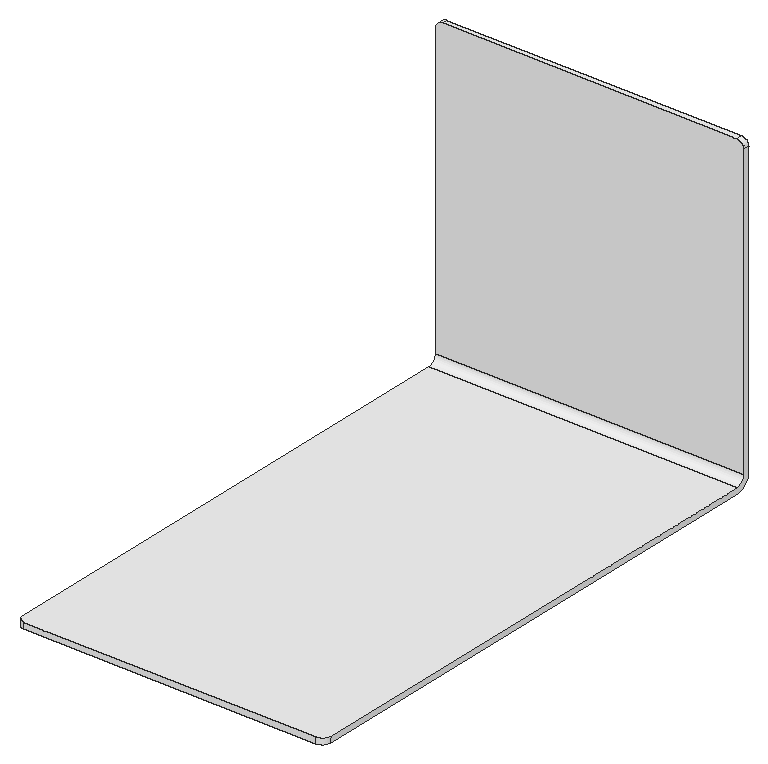
Revit family "Magnuson-Baldas-Shelf_R-1", category Furniture, host Face, Revit 2014
Parameters (values of type "BALDAS-R")
  Width = 7 1/8"
  URL = "www.magnusongroup.com"
  Type Comments = "Baldas"  # constant formula
  Support Finish = MAG - Aluminum Withe
  Shelve Finish = MAG - Aluminum Withe
  Salvage or Reuse = yes
  Percentage of Recycled Content = 0
  Model = "BALDAS-R"
  Manufacturer = "MAGNUSON"  # constant formula
  Low Emitting Material = yes
  Low Emitting Finish = yes
  Keynote = "12500"
  Height = 12 1/4"
  Description = "Wall Mounted Shelf Comes with 1 Wall Mounting Bracket"
  Depth = 7 1/2"
  Default Elevation = 48"
  Assembly Code = "E2020200"
Reference planes (in)
  plane 1 "Center (Front/Back)": y = 0
  plane 2: z = 0
  plane 3 "Center (Left/Right)": x = 0
  plane 4: y = -6.125
  plane 5: y = 6.125
  plane 6: x = 3.5625
  plane 7: x = -3.5625
  plane 8: z = 7.5
  plane 9: z = 0.29527
Forms (in)
  Extrusion 1, solid, material "MAG - Aluminum Withe" <- "Shelve Finish"
    sketch origin (0, 0, 0) x (0, -1, 0) y (0, 0, -1)
      loop
        line (5.8063, -0.29527) -> (-5.8125, -0.29527)
        arc (-5.8125, -0.29527) -> (-6.03347, -0.3868) -> (-6.125, -0.60777) r 0.3125
        line (-6.125, -0.60777) -> (-6.125, -6.66544) -> (-6, -6.66544) -> (-6, -0.60777)
        arc (-6, -0.60777) -> (-5.94508, -0.47519) -> (-5.8125, -0.42027) r 0.1875
        line (-5.8125, -0.42027) -> (5.8063, -0.42027) -> (5.8063, -0.29527)
    from -3.5625 to 3.5625
  Extrusion 2, solid, material "MAG - Aluminum Withe" <- "Shelve Finish"
    sketch origin (0, 0, 0) x (1, 0, 0) y (0, 1, 0)
      loop
        line (-3.375, -6.125) -> (3.375, -6.125)
        arc (3.375, -6.125) -> (3.50758, -6.07008) -> (3.5625, -5.9375) r 0.1875
        line (3.5625, -5.9375) -> (3.5625, -5.8063) -> (-3.5625, -5.8063) -> (-3.5625, -5.9375)
        arc (-3.5625, -5.9375) -> (-3.50758, -6.07008) -> (-3.375, -6.125) r 0.1875
    from 0.29527 to 0.42027
  Extrusion 3, solid, material "MAG - Aluminum Withe" <- "Shelve Finish"
    sketch origin (0, 0, 0) x (1, 0, 0) y (0, 0, -1)
      loop
        line (-3.40457, -7.5) -> (3.40625, -7.5)
        arc (3.40625, -7.5) -> (3.51674, -7.45424) -> (3.5625, -7.34375) r 0.15625
        line (3.5625, -7.34375) -> (3.5625, -6.66544) -> (-3.5625, -6.66544) -> (-3.5625, -7.34207)
        arc (-3.5625, -7.34207) -> (-3.51624, -7.45374) -> (-3.40457, -7.5) r 0.15793
    from 6 to 6.125
  Extrusion 4, solid, material "MAG - Aluminum Withe" <- "Support Finish"
    sketch origin (0, 0, 0) x (1, 0, 0) y (0, 1, 0)
      loop
        line (-2.28346, 5.61319) -> (-2.28346, 1.57777) -> (2.28346, 1.57777) -> (2.28346, 5.61319) -> (-2.28346, 5.61319)
    from 0 to 0.29527
Cuts and joins
  joined: Extrusion 1, Extrusion 2, Extrusion 3
Lines and regions (in)
  symbolic lines
    curve 1: line (3.5625, 0, 0.29527) -> (3.5625, 0, 7.34375)
    curve 2: line (3.40625, 0, 7.5) -> (-3.40457, 0, 7.5)
    curve 3: arc (3.40625, 0, 7.5) -> (3.51674, 0, 7.45424) -> (3.5625, 0, 7.34375) r 0.15625
    curve 4: arc (-3.5625, 0, 7.34207) -> (-3.51624, 0, 7.45374) -> (-3.40457, 0, 7.5) r 0.15793
    curve 5: line (-3.5625, 0, 7.34207) -> (-3.5625, 0, 0.29527)
    curve 6: line (3.5625, 0, 0.29527) -> (3.5625, 0, 7.34375)
    curve 7: line (-3.5625, 0, 0.29527) -> (3.5625, 0, 0.29527)
    curve 8: line (2.28346, 0, 0) -> (2.28346, 0, 0.29527)
    curve 9: line (-2.28346, 0, 0.29527) -> (-2.28346, 0, 0)
    curve 10: line (2.28346, 0, 0) -> (-2.28346, 0, 0)
Dimensions and locks (in)
  equal spacing: plane 7, plane 3 "Center (Left/Right)", plane 6
  "Width": plane 7 to plane 6
  "Height": plane 5 to plane 4
  equal spacing: plane 5, plane 1 "Center (Front/Back)", plane 4
  "Depth": plane 8 to host face
  aligned and locked: plane 2 to host face
  aligned and locked: level to host face
  aligned and locked: Extrusion 4 to plane 2
  aligned and locked: plane 9 to Extrusion 4
  aligned and locked: curve 3 to cut or joined group of Extrusion 1, Extrusion 2, Extrusion 3
  aligned and locked: curve 4 to cut or joined group of Extrusion 1, Extrusion 2, Extrusion 3
  aligned and locked: curve 6 to cut or joined group of Extrusion 1, Extrusion 2, Extrusion 3
  aligned and locked: curve 7 to cut or joined group of Extrusion 1, Extrusion 2, Extrusion 3
  aligned and locked: curve 8 to Extrusion 4
  aligned and locked: curve 9 to Extrusion 4
Automatic sketch dimensions
  host sketch curve to host sketch curve = 16.82355"
  host sketch curve to host sketch curve = 31.38944"
  Extrusion 1 sketch curve to Extrusion 1 sketch curve = 0"  (x2)
  plane 4 to Extrusion 1 sketch curve = 12 1/4"
  Extrusion 1 sketch curve to Extrusion 1 sketch curve = 1/8"
  Extrusion 1 sketch curve to Extrusion 1 sketch curve = 3/16"
  Extrusion 1 sketch curve to Extrusion 1 sketch curve = 11.6188"
  Extrusion 1 sketch curve to plane 8 = 0.83456"
  Extrusion 1 sketch curve to Extrusion 1 sketch curve = 6.05766"
  Extrusion 2 sketch curve to plane 7 = 0"
  Extrusion 2 sketch curve to plane 6 = 0"
  Extrusion 2 sketch curve to plane 7 = 3/16"
  plane 6 to Extrusion 2 sketch curve = 3/16"
  Extrusion 2 sketch curve to plane 4 = 0"
  Extrusion 2 sketch curve to Extrusion 2 sketch curve = 0.1312"
  plane 7 to Extrusion 3 sketch curve = 0"
  plane 6 to Extrusion 3 sketch curve = 0"
  Extrusion 3 sketch curve to plane 7 = 0.15793"
  plane 6 to Extrusion 3 sketch curve = 5/32"
  plane 8 to Extrusion 3 sketch curve = 0"
  Extrusion 3 sketch curve to Extrusion 3 sketch curve = 0.67831"
  plane 4 to Extrusion 4 sketch curve = 7.70277"
  plane 6 to Extrusion 4 sketch curve = 5.84596"
  Extrusion 4 sketch curve to Extrusion 4 sketch curve = 4.56692"
  plane 4 to Extrusion 4 sketch curve = 11.73819"
  curve 10 to level = 0"
